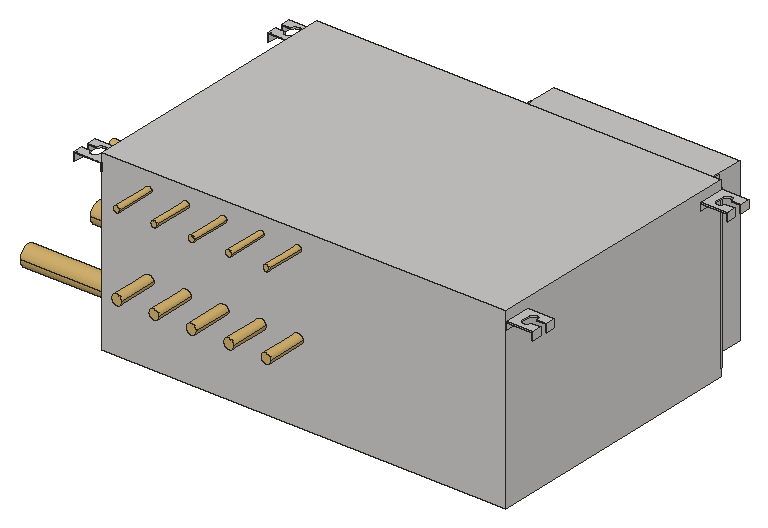
Revit family
Parameters (values of type "CMB-P105NU-G")
  Width = 649.3 mm
  Subcategory = "HVAC"  # constant formula
  Specification URL = "http://www.mrslim.com/customerCare/resources.asp"
  Single Branch Max Capacity (BTUH) = "54000"  # constant formula
  Max Connected Capacity (BTUH) = "189000"  # constant formula
  Manufacturer URL = "http://www.mrslim.com/customerCare/resources.asp"
  Installation URL = "http://www.mrslim.com/customerCare/resources.asp"
  External Finish = Galvanized steel plate
  SmartBIM Object Version = 3  # constant formula
  SmartBIM Object Created By = "Reed Construction Data"  # constant formula
  Refrigerant Outdoor and Water-source Units P96/P108 Low Pressure Pipe = "7/8\" Brazed"
  Refrigerant Outdoor and Water-source Units P96/P108 High Pressure Pipe = "3/4\" Brazed"
  Refrigerant Outdoor and Water-source Units P72 Low Pressure Pipe = "3/4\" Brazed"
  Refrigerant Outdoor and Water-source Units P72 High Pressure Pipe = "5/8\" Brazed"
  Refrigerant Outdoor and Water-source Units P126 Low Pressure Pipe = "3/4\" Brazed"
  Refrigerant Outdoor and Water-source Units P126 High Pressure Pipe = "1-1/8\" Brazed"
  Refrigerant Indoor Unit Liquid Pipe = "3/8\" Flare"
  Refrigerant Indoor Unit Gas Pipe = "5/8\" Flare"
  Refrigerant = "R410A"  # constant formula
  Power Source = "208/230V, 1 phase, 60Hz"  # constant formula
  Power Input Heating = "0.033 kW/h"
  Power Input Cooling = "0.073 kW/h"
  Number of Ports = 5
  Unit Weight (LBS) = "72"
  Model = "CMB-P105NU-G"
  MCA = "0.45/0.40"
  MOCP = "15 A"
  Manufacturer = "Mitsubishi Electric"  # constant formula
  Joint Pipe Adapter (Port connector)(OPtion1) = "CMY-R160-J"  # constant formula
  Height = 284.2 mm
  Drainpipe Radius = Drainpipe Diameter / 2  # 15.9 mm
  Drainpipe Outdoor = "1-1/4\" "
  Drainpipe Diameter = 31.8 mm
  Description = "Branch Circuit Controller"  # constant formula
  Depth = 431.8 mm
  Default Elevation = 1219.2 mm
  Current Heating (208 / 230) = "0.16 / 0.14 A"
  Current Cooling (208 / 230) = "0.35 / 0.32 A"
  Pipe = Cold Brass
  Outdoor and Water Source Units Low Pressure Pipe Radius = Outdoor and Water Source Units Low Pressure Pipe Diameter / 2  # 9.55 mm
  Outdoor and Water Source Units Low Pressure Pipe Diameter = 19.1 mm
  Outdoor and Water Source Units High Pressure Pipe Radius = Outdoor and Water Source Units High Pressure Pipe Diameter / 2  # 7.95 mm
  Outdoor and Water Source Units High Pressure Pipe Diameter = 15.9 mm
  Indoor Unit Gas Pipe Radius = Indoor Unit Gas Pipe Diameter / 2  # 7.95 mm
  Indoor Unit Liquid Pipe Radius = Indoor Unit Liquid Pipe Diameter / 2  # 4.75 mm
  Indoor Unit Liquid Pipe Diameter = 9.5 mm
  Indoor Unit Gas Pipe Diameter = 15.9 mm
  Condensate Pump(Option3) = "SI1730-230"  # constant formula
  Branch Joint (T-Branch)(Option2) = "CMY-Y102S-G2"  # constant formula
  Assembly Code = "D3050200"
  95 CSI = "15760"  # constant formula
  04 CSI = "23 60 00"  # constant formula
Types (7, lengths in mm): name | Width | Power Input Heating | Power Input Cooling | Number of Ports | Unit Weight (LBS) | Model | MCA | Height | Drainpipe Radius | Drainpipe Outdoor | Drainpipe Diameter | Current Heating (208 / 230) | Current Cooling (208 / 230) | Outdoor and Water Source Units Low Pressure Pipe Radius | Outdoor and Water Source Units Low Pressure Pipe Diameter | Outdoor and Water Source Units High Pressure Pipe Radius | Outdoor and Water Source Units High Pressure Pipe Diameter | Indoor Unit Gas Pipe Radius | Indoor Unit Liquid Pipe Radius | Indoor Unit Liquid Pipe Diameter | Indoor Unit Gas Pipe Diameter
  (no name) | 649.3 | "0.033 kW/h" | "0.073 kW/h" | 5 | "72" | "CMB-P105NU-G" | "0.45/0.40" | 284.2 | 15.9 | "1-1/4\" " | 31.8 | "0.16 / 0.14 A" | "0.35 / 0.32 A" | 9.55 | 19.1 | 7.95 | 15.9 | 7.95 | 4.75 | 9.5 | 15.9
  CMB-P105NU-G | 649.3 | "0.033 kW/h" | "0.073 kW/h" | 5 | "72" | "CMB-P105NU-G" | "0.45/0.40" | 284.2 | 15.9 | "1-1/4\" " | 31.8 | "0.16 / 0.14 A" | "0.35 / 0.32 A" | 9.55 | 19.1 | 7.95 | 15.9 | 7.95 | 4.75 | 9.5 | 15.9
  CMB-P106NU-G | 649.288 | "0.04 kW/h" | "0.086 kW/h" | 6 | "76" | "CMB-P106NU-G" | "0.53/0.48" | 284.163 | 15.875 | "1-1/4\"" | 31.75 | "0.19 / 0.17 A" | "0.41 / 0.37 A" | 9.525 | 19.05 | 7.938 | 15.875 | 7.938 | 4.763 | 9.525 | 15.875
  CMB-P108NU-G | 649.288 | "0.053 kW/h" | "0.112 kW/h" | 8 | "84" | "CMB-P108NU-G" | "0.68/0.61" | 284.163 | 15.875 | "1-1/4\"" | 31.75 | "0.25 / 0.23 A" | "0.54 / 0.49 A" | 9.525 | 19.05 | 7.938 | 15.875 | 7.938 | 4.763 | 9.525 | 15.875
  CMB-P1010NU-G | 649.288 | "0.066 kW/h" | "0.138 kW/h" | 10 | "94" | "CMB-P1010NU-G" | "0.84/0.75 A" | 284.163 | 15.875 | "1-1/4\"" | 31.75 | "0.32 / 0.29 A" | "0.66 / 0.60 A" | 9.525 | 19.05 | 7.938 | 15.875 | 7.938 | 4.763 | 9.525 | 15.875
  CMB-P1013NU-G | 1098.55 | "0.086 kW/h" | "0.178 kW/h" | 13 | "126" | "CMB-P1013NU-G" | "1.08/0.98" | 284.163 | 15.875 | "1-1/4\"" | 31.75 | "0.41 / 0.37 A" | "0.86 / 0.77 A" | 9.525 | 19.05 | 7.938 | 15.875 | 7.938 | 4.763 | 9.525 | 15.875
  CMB-P1016NU-G | 1098.6 | "0.106 kW/h" | "0.217 kW/h" | 16 | "138" | "CMB-P1016NU-G" | "1.31/1.19" | 284.2 | 15.9 | "1-1/4\"" | 31.8 | "0.51 / 0.46 A" | "1.04 / 0.94 A" | 9.55 | 19.1 | 7.95 | 15.9 | 7.95 | 4.75 | 9.5 | 15.9
Reference planes
  plane 1 "Center (Front/Back)": y = 83.043
  plane 2: z = 0
  plane 3 "Center (Left/Right)": x = 79.729
  plane 4: x = -244.921
  plane 5: x = 404.379
  plane 6: y = 298.943
  plane 7: y = -132.857
  plane 8: z = 284.2
  plane 9: z = 281.025
  plane 10: z = 3.175
  plane 11: x = -168.921
  plane 12: z = 257.2
  plane 13: x = -108.921
  plane 14: z = 127.2
  plane 15: y = -29.857
  plane 16: z = 226.2
  plane 17: y = 115.143
  plane 18: z = 156.2
  plane 19: y = -16.857
  plane 20: y = 111.143
  plane 21: y = 368.943
  plane 22: y = 305.293
  plane 23: x = 378.979
  plane 24: z = 271.5
  plane 25: z = 12.7
  plane 26: y = -196.857
  plane 27: z = 21.25
  plane 28: x = -444.921
  plane 29: x = -308.921
  plane 30: x = -48.921
  plane 31: x = 11.079
  plane 32: x = 71.079
  plane 33: x = -444.921
  plane 34: y = 548.943
  plane 35: y = 998.943
  plane 36: x = 204.379
  plane 37: x = -245.621
Forms (mm)
  Extrusion 1, solid, material "Galvanized steel plate" <- "External Finish"
    sketch origin (0, 0, 0) x (1, 0, 0) y (0, 1, 0)
      loop
        line (-244.921, 298.943) -> (-244.921, -132.857) -> (404.379, -132.857) -> (404.379, 298.943) -> (-244.921, 298.943)
      loop
        line (-241.746, 295.768) -> (-241.746, -129.682) -> (401.204, -129.682) -> (401.204, 295.768) -> (-241.746, 295.768)
    from 0 to 284.2
  Extrusion 2, solid, material "Galvanized steel plate" <- "External Finish"
    sketch origin (0, 0, 0) x (1, 0, 0) y (0, 1, 0)
      loop
        line (-244.921, 298.943) -> (-244.921, -132.857) -> (404.379, -132.857) -> (404.379, 298.943) -> (-244.921, 298.943)
    from 281.025 to 284.2
  Extrusion 3, solid, material "Galvanized steel plate" <- "External Finish"
    sketch origin (0, 0, 0) x (1, 0, 0) y (0, 1, 0)
      loop
        line (404.379, 298.943) -> (-244.921, 298.943) -> (-244.921, -132.857) -> (404.379, -132.857) -> (404.379, 298.943)
    from 0 to 3.175
  Extrusion 4, solid, material "Galvanized steel plate" <- "External Finish"
    sketch origin (0, 0, 0) x (1, 0, 0) y (0, 1, 0)
      loop
        line (79.729, 368.943) -> (79.729, 305.293) -> (378.979, 305.293) -> (378.979, 368.943) -> (79.729, 368.943)
    from 12.7 to 271.5
  Extrusion 5, solid, material "Galvanized steel plate" <- "External Finish"
    sketch origin (0, 0, 0) x (1, 0, 0) y (0, 1, 0)
      loop
        line (79.729, 324.343) -> (78.141, 324.343) -> (78.141, 300.531) -> (54.329, 300.531) -> (54.329, 298.943) -> (79.729, 298.943) -> (79.729, 324.343)
      loop
        line (378.979, 324.343) -> (378.979, 298.943) -> (404.379, 298.943) -> (404.379, 300.531) -> (380.567, 300.531) -> (380.567, 324.343) -> (378.979, 324.343)
    from 12.7 to 271.5
  Extrusion 6, solid, material "Cold Brass" <- "Pipe"
    sketch origin (-19.931, -97.857, 0.2) x (1, 0, 0) y (0, 0, 1)
      loop
        circle (-149, 127) r 7.95
    from 35 to 99
  Extrusion 7, solid, material "Cold Brass" <- "Pipe"
    sketch origin (-19.911, -97.857, 0.2) x (1, 0, 0) y (0, 0, 1)
      loop
        circle (-149, 257) r 4.75
    from 35 to 99
  Extrusion 8, solid, material "Cold Brass" <- "Pipe"
    sketch origin (-244.921, 298.943, 0) x (0, -1, 0) y (0, 0, 1)
      loop
        circle (328.8, 21.25) r 15.9
    from 0 to 200
  Extrusion 9, solid, material "Cold Brass" <- "Pipe"
    sketch origin (-244.921, 443.943, 0) x (0, -1, 0) y (0, 0, 1)
      loop
        circle (332.8, 21.25) r 15.9
    from 0 to 200
  Extrusion 10, solid, material "Cold Brass" <- "Pipe"
    sketch origin (79.729, 0, 0) x (0, 1, 0) y (0, 0, 1)
      loop
        circle (115.143, 156.2) r 7.95
    from -388.65 to -324.65
  Extrusion 11, solid, material "Cold Brass" <- "Pipe"
    sketch origin (79.729, 0, 0) x (0, 1, 0) y (0, 0, 1)
      loop
        circle (-29.857, 226.2) r 9.55
    from -388.65 to -324.65
  Extrusion 12, solid, material "Cold Brass" <- "Pipe"
    sketch origin (40.089, -97.879, 0.2) x (1, 0, 0) y (0, 0, 1)
      loop
        circle (-149, 257) r 4.75
    from 35 to 99
  Extrusion 13, solid, material "Cold Brass" <- "Pipe"
    sketch origin (100.089, -97.901, 0.2) x (1, 0, 0) y (0, 0, 1)
      loop
        circle (-149, 257) r 4.75
    from 35 to 99
  Extrusion 14, solid, material "Cold Brass" <- "Pipe"
    sketch origin (160.089, -97.923, 0.2) x (1, 0, 0) y (0, 0, 1)
      loop
        circle (-149, 257) r 4.75
    from 35 to 99
  Extrusion 15, solid, material "Cold Brass" <- "Pipe"
    sketch origin (220.089, -97.946, 0.2) x (1, 0, 0) y (0, 0, 1)
      loop
        circle (-149, 257) r 4.75
    from 35 to 99
  Extrusion 16, solid, material "Cold Brass" <- "Pipe"
    sketch origin (40.069, -97.879, 0.2) x (1, 0, 0) y (0, 0, 1)
      loop
        circle (-149, 127) r 7.95
    from 35 to 99
  Extrusion 17, solid, material "Cold Brass" <- "Pipe"
    sketch origin (100.069, -97.901, 0.2) x (1, 0, 0) y (0, 0, 1)
      loop
        circle (-149, 127) r 7.95
    from 35 to 99
  Extrusion 18, solid, material "Cold Brass" <- "Pipe"
    sketch origin (160.069, -97.923, 0.2) x (1, 0, 0) y (0, 0, 1)
      loop
        circle (-149, 127) r 7.95
    from 35 to 99
  Extrusion 19, solid, material "Cold Brass" <- "Pipe"
    sketch origin (220.069, -97.946, 0.2) x (1, 0, 0) y (0, 0, 1)
      loop
        circle (-149, 127) r 7.95
    from 35 to 99
Cuts and joins
  joined: Extrusion 1, Extrusion 2, Extrusion 3
Lines and regions (mm)
  symbolic lines, style "Clearances"
    curve 1: line (-444.921, -132.857, 0) -> (404.379, -132.857, 0)
    curve 2: line (-444.921, 998.943, 0) -> (-444.921, -132.857, 0)
    curve 3: line (404.379, 998.943, 0) -> (-444.921, 998.943, 0)
    curve 4: line (404.379, -132.857, 0) -> (404.379, 998.943, 0)
    curve 5: line (204.379, 998.943, 0) -> (204.379, 548.943, 0)
    curve 6: line (204.379, 548.943, 0) -> (-245.621, 548.943, 0)
    curve 7: line (-245.621, 548.943, 0) -> (-245.621, 998.943, 0)
    curve 8: line (-245.621, 548.943, 0) -> (204.379, 998.943, 0)
    curve 9: line (204.379, 548.943, 0) -> (-245.621, 998.943, 0)
    curve 10: line (-244.921, -132.857, 0) -> (-244.921, 298.943, 0)
    curve 11: line (-244.921, 298.943, 0) -> (404.379, 298.943, 0)
Dimensions and locks
  equal spacing: plane 4, plane 3 "Center (Left/Right)", plane 5
  "Width": plane 4 to plane 5
  equal spacing: plane 6, plane 1 "Center (Front/Back)", plane 7
  "Depth": plane 6 to plane 7
  "Height": plane 8 to plane 2
  locked: Extrusion 1 sketch curve to plane 5 at 3.175
  locked: plane 6 to Extrusion 1 sketch curve at 3.175
  locked: plane 4 to Extrusion 1 sketch curve at 3.175
  locked: Extrusion 1 sketch curve to plane 7 at 3.175
  locked: plane 8 to plane 9 at 3.175
  locked: plane 10 to plane 2 at 3.175
  locked: plane 11 to plane 4 at 76
  locked: plane 8 to plane 12 at 27
  locked: plane 12 to plane 14 at 130
  locked: plane 15 to plane 7 at 103
  locked: plane 8 to plane 16 at 58
  locked: plane 17 to plane 7 at 248
  locked: plane 8 to plane 18 at 128
  locked: plane 19 to plane 7 at 116
  locked: plane 20 to plane 19 at 128
  locked: plane 21 to plane 6 at 70
  locked: plane 22 to plane 6 at 6.35
  locked: plane 23 to plane 5 at 25.4
  locked: plane 8 to plane 24 at 12.7
  locked: plane 25 to plane 2 at 12.7
  Extrusion 5 sketch curve to Extrusion 5 sketch curve to plane 3 "Center (Left/Right)" = 23.812 mm locked, 1.588 mm locked
  Extrusion 5 sketch curve to Extrusion 5 sketch curve to plane 6 = 23.812 mm locked, 1.588 mm locked
  locked: plane 23 to Extrusion 5 sketch curve at 1.588
  locked: plane 7 to plane 26 at 64
  locked: plane 27 to plane 2 at 21.25
  locked: plane 28 to plane 4 at 200
  locked: plane 29 to plane 4 at 64
  plane 32 to plane 31 to plane 30 to plane 13 to plane 11 = 60 mm locked, 60 mm locked, 60 mm locked, 60 mm locked
  locked: Extrusion 7 to plane 11 at 4.76
  equal spacing: group 1, group 2, group 3, group 4, group 5  (x2)
  equal spacing: group 5, group 4, group 3, group 2, group 1
  locked: Extrusion 12 to plane 13 at 4.76
  locked: Extrusion 6 to plane 11 at 7.94
  equal spacing: group 6, group 7, group 8, group 9, group 10  (x2)
  equal spacing: group 10, group 9, group 8, group 7, group 6
  locked: Extrusion 16 to plane 13 at 7.94
  locked: plane 36 to plane 5 at 200
  locked: plane 37 to plane 36 at 450
  locked: plane 34 to plane 6 at 250
  locked: plane 33 to plane 4 at 200
  "Indoor Unit Gas Pipe Radius": radius of Extrusion 6 sketch curve
  "Indoor Unit Liquid Pipe Radius": radius of Extrusion 7 sketch curve
  "Drainpipe Radius": radius of Extrusion 8 sketch curve
  "Drainpipe Radius": radius of Extrusion 9 sketch curve
  "Outdoor and Water Source Units High Pressure Pipe Radius": radius of Extrusion 10 sketch curve
  "Outdoor and Water Source Units Low Pressure Pipe Radius": radius of Extrusion 11 sketch curve
  "Indoor Unit Liquid Pipe Radius": radius of Extrusion 12 sketch curve
  "Indoor Unit Liquid Pipe Radius": radius of Extrusion 13 sketch curve
  "Indoor Unit Liquid Pipe Radius": radius of Extrusion 14 sketch curve
  "Indoor Unit Liquid Pipe Radius": radius of Extrusion 15 sketch curve
  "Indoor Unit Gas Pipe Radius": radius of Extrusion 16 sketch curve
  "Indoor Unit Gas Pipe Radius": radius of Extrusion 17 sketch curve
  "Indoor Unit Gas Pipe Radius": radius of Extrusion 18 sketch curve
  "Indoor Unit Gas Pipe Radius": radius of Extrusion 19 sketch curve
  aligned and locked: level to plane 2
  aligned and locked: Extrusion 1 sketch curve to plane 6
  aligned and locked: plane 4 to Extrusion 1 sketch curve
  aligned and locked: plane 7 to Extrusion 1 sketch curve
  aligned and locked: Extrusion 1 sketch curve to plane 5
  aligned and locked: plane 8 to Extrusion 1
  aligned and locked: Extrusion 1 to plane 2
  aligned and locked: Extrusion 2 sketch curve to Extrusion 1  (x4)
  aligned and locked: plane 8 to Extrusion 2
  aligned and locked: Extrusion 2 to plane 9
  aligned and locked: Extrusion 3 sketch curve to Extrusion 2  (x4)
  aligned and locked: Extrusion 3 to plane 2
  aligned and locked: plane 10 to Extrusion 3
  aligned and locked: plane 6 to nested 1
  aligned and locked: nested 1 to plane 12
  aligned and locked: plane 12 to nested 2
  aligned and locked: plane 7 to nested 2
  aligned and locked: nested 4 to plane 12
  aligned and locked: plane 12 to nested 3
  aligned and locked: nested 4 to plane 7
  aligned and locked: nested 4 to plane 5
  aligned and locked: plane 5 to nested 3
  aligned and locked: nested 3 to plane 6
  aligned and locked: plane 4 to nested 1
  aligned and locked: nested 2 to plane 4
  aligned and locked: Extrusion 4 sketch curve to plane 21
  aligned and locked: Extrusion 4 sketch curve to plane 3 "Center (Left/Right)"
  aligned and locked: Extrusion 4 sketch curve to plane 23
  aligned and locked: Extrusion 4 sketch curve to plane 22
  aligned and locked: Extrusion 4 to plane 25
  aligned and locked: plane 24 to Extrusion 4
  aligned and locked: Extrusion 5 sketch curve to plane 3 "Center (Left/Right)"
  aligned and locked: Extrusion 5 sketch curve to plane 6
  aligned and locked: Extrusion 5 sketch curve to Extrusion 4
  aligned and locked: plane 6 to Extrusion 5 sketch curve
  aligned and locked: Extrusion 5 sketch curve to Extrusion 5 sketch curve  (x2)
  aligned and locked: plane 5 to Extrusion 5 sketch curve
  aligned and locked: plane 24 to Extrusion 5
  aligned and locked: Extrusion 5 to plane 25
  aligned and locked: plane 7 to Extrusion 6
  aligned and locked: plane 26 to Extrusion 6
  aligned and locked: plane 7 to Extrusion 7
  aligned and locked: plane 26 to Extrusion 7
  aligned and locked: plane 12 to Extrusion 7
  aligned and locked: plane 27 to Extrusion 8 sketch curve
  aligned and locked: plane 15 to Extrusion 8 sketch curve
  aligned and locked: plane 4 to Extrusion 8
  aligned and locked: Extrusion 8 to plane 28
  aligned and locked: plane 27 to Extrusion 9 sketch curve
  aligned and locked: plane 20 to Extrusion 9 sketch curve
  aligned and locked: plane 18 to Extrusion 10 sketch curve
  aligned and locked: plane 17 to Extrusion 10 sketch curve
  aligned and locked: plane 4 to Extrusion 10
  aligned and locked: Extrusion 10 to plane 29
  aligned and locked: plane 16 to Extrusion 11 sketch curve
  aligned and locked: plane 15 to Extrusion 11 sketch curve
  aligned and locked: plane 4 to Extrusion 11
  aligned and locked: Extrusion 11 to plane 29
  aligned and locked: Extrusion 7 to plane 7  (x2)
  aligned and locked: Extrusion 6 to plane 7  (x3)
  aligned and locked: Extrusion 6 to plane 26
  aligned and locked: Extrusion 7 to plane 26
  aligned and locked: plane 12 to Extrusion 12
  aligned and locked: plane 14 to Extrusion 6
  aligned and locked: plane 14 to Extrusion 16
  aligned and locked: plane 4 to curve 10
  aligned and locked: plane 6 to curve 11
  aligned and locked: plane 35 to curve 3
  aligned and locked: plane 33 to curve 2
  aligned and locked: plane 5 to curve 4
  aligned and locked: plane 37 to curve 7
  aligned and locked: plane 34 to curve 6
  aligned and locked: plane 36 to curve 5
Automatic sketch dimensions
  curve 1 to plane 7 = 0 mm
Nested families
  nested 1: "Family6" at (-266.921, 277.943, 257.2), type "Family6"
  nested 2: "Family6" at (-266.921, -111.857, 257.2), type "Family6"
  nested 3: "Family6" at (426.379, 277.943, 257.2) x (-1, 0, 0) z (0, 0, 1), type "Family6"
  nested 4: "Family6" at (426.379, -111.857, 257.2) x (-1, 0, 0) z (0, 0, 1), type "Family6"
Connectors
  piping at (-444.921, 111.143, 21.25), driven by "Drainpipe Radius"
    settings: on Extrusion 9, index 1
  piping at (-444.921, -29.857, 21.25), driven by "Drainpipe Radius"
    settings: on Extrusion 8, index 2
  piping at (-168.911, -196.857, 257.2), driven by "Indoor Unit Liquid Pipe Radius"
    settings: on Extrusion 7, index 1627
  piping at (-168.931, -196.857, 127.2), driven by "Indoor Unit Gas Pipe Radius"
    settings: on Extrusion 6, index 1597
  piping at (-308.921, 115.143, 156.2), driven by "Outdoor and Water Source Units High Pressure Pipe Radius"
    settings: on Extrusion 10, index 20
  piping at (-308.921, -29.857, 226.2), driven by "Outdoor and Water Source Units Low Pressure Pipe Radius"
    settings: on Extrusion 11, index 21
  electrical at (229.354, 368.943, 142.1)
    settings: on Extrusion 4, index 22
  piping at (-108.911, -196.879, 257.2), driven by "Indoor Unit Liquid Pipe Radius"
    settings: on Extrusion 12, index 1628
  piping at (-48.911, -196.901, 257.2), driven by "Indoor Unit Liquid Pipe Radius"
    settings: on Extrusion 13, index 1629
  piping at (11.089, -196.923, 257.2), driven by "Indoor Unit Liquid Pipe Radius"
    settings: on Extrusion 14, index 1630
  piping at (71.089, -196.946, 257.2), driven by "Indoor Unit Liquid Pipe Radius"
    settings: on Extrusion 15, index 1631
  piping at (-108.931, -196.879, 127.2), driven by "Indoor Unit Gas Pipe Radius"
    settings: on Extrusion 16, index 1598
  piping at (-48.931, -196.901, 127.2), driven by "Indoor Unit Gas Pipe Radius"
    settings: on Extrusion 17, index 1599
  piping at (11.069, -196.923, 127.2), driven by "Indoor Unit Gas Pipe Radius"
    settings: on Extrusion 18, index 1600
  piping at (71.069, -196.946, 127.2), driven by "Indoor Unit Gas Pipe Radius"
    settings: on Extrusion 19, index 1601
Definition of nested family "Family6"
  Parameters
    Clamp = Clamp
  Reference planes
    plane 1 "Center (Front/Back)": y = 0
    plane 2: z = 0
    plane 3 "Center (Left/Right)": x = 0
  Forms (mm)
    Extrusion 1, solid, material "Clamp" <- "Clamp"
      sketch origin (0, 0, 0) x (1, 0, 0) y (0, 1, 0)
        loop
          line (7, 6) -> (7, -6)
          arc (7, -6) -> (0, -13) -> (-7, -6) r 7
          line (-7, -6) -> (-22, -6) -> (-22, -21) -> (22, -21) -> (22, 21) -> (-22, 21) -> (-22, 6) -> (-7, 6)
          arc (-7, 6) -> (0, 13) -> (7, 6) r 7
      from 11.153 to 12.74
    Extrusion 2, solid, material "Clamp" <- "Clamp"
      sketch origin (0, 0, 0) x (1, 0, 0) y (0, 1, 0)
        loop
          line (-20.412, 21) -> (-22, 21) -> (-22, 6) -> (-20.412, 6) -> (-20.412, 21)
        loop
          line (-22, -21) -> (-20.412, -21) -> (-20.412, -6) -> (-22, -6) -> (-22, -21)
        loop
          line (22, -21) -> (22, 21) -> (20.412, 21) -> (20.412, -21) -> (22, -21)
      from 0 to 12.74
  Cuts and joins
    joined: Extrusion 1, Extrusion 2
  Dimensions and locks
    Extrusion 1 sketch curve to plane 3 "Center (Left/Right)" to Extrusion 1 sketch curve = 22 mm locked, 22 mm locked
    Extrusion 1 sketch curve to Extrusion 1 sketch curve to plane 1 "Center (Front/Back)" to Extrusion 1 sketch curve to Extrusion 1 sketch curve = 15 mm locked, 6 mm locked, 6 mm locked, 15 mm locked
    locked: Extrusion 1 sketch curve to Extrusion 1 sketch curve at 15  (x2)
    locked: Extrusion 1 sketch curve to plane 1 "Center (Front/Back)" at 13
    locked: plane 1 "Center (Front/Back)" to Extrusion 1 sketch curve at 13
    locked: Extrusion 1 to Extrusion 1 at 1.588
    locked: cut or joined group of Extrusion 1, Extrusion 2 to cut or joined group of Extrusion 1, Extrusion 2 at 1.588  (x2)
    aligned and locked: Extrusion 1 sketch curve to Extrusion 1 sketch curve
    aligned and locked: Extrusion 1 to Extrusion 2 sketch curve
    aligned and locked: Extrusion 2 sketch curve to Extrusion 1
    aligned and locked: Extrusion 1 to Extrusion 2
    aligned and locked: Extrusion 2 to level
